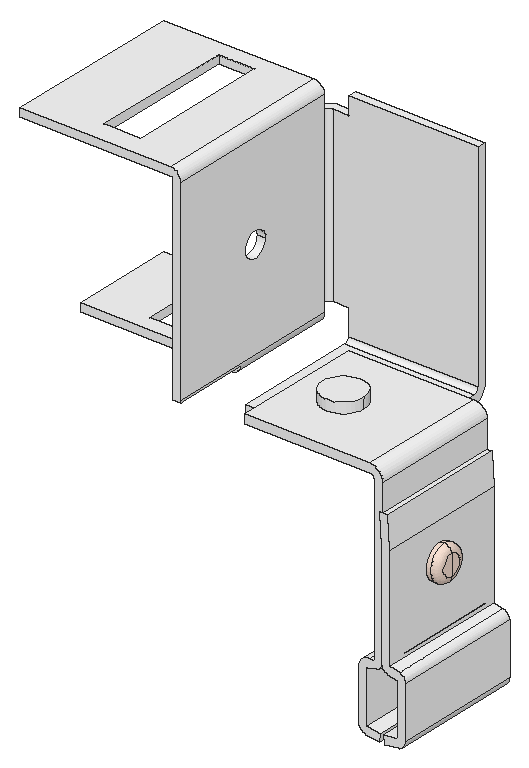
Revit family "cthanger_h38", category 機械設備, Revit 2022
Family settings
  丸型コネクタ寸法 = 直径を使用
  種別 = なし
  パーツ タイプ = 標準
  作業面ベース = いいえ
  常に垂直 = はい
  ロード時にボイドで切り取り = いいえ
  注釈の向きを維持 = いいえ
  共有 = いいえ
  部屋計算ポイント = いいえ
Parameters
  製造元 = "株式会社桐井製作所"
  既定の高さ = 0 mm
  URL = "https://www.kirii.co.jp/"
  K_角度 [instance] = 90.00°
  K_材質 = "溶融亜鉛めっき鋼板及び鋼帯 SGCC 一般用"
  K_品名 = "CTハンガー自在H=38(6mm)"
  K_名称 = "CTハンガー"
  K_バージョン情報 = "20220915"
  K_めっき付着量 = "Z12"
  K_JIS規格 = "JIS G 3302"
Reference planes
  plane 1 "中心(正面/背面)": y = 0
  plane 2: z = 0
  plane 3 "中心(左/右)": x = 0
Forms (mm)
  Extrusion 1, solid, material "05吊り材"
    sketch origin (-3, 16.9, -12.872) x (1, 0, 0) y (0, 0, 1)
      loop
        line (-44.5, 56.456) -> (-44.5, 54.856) -> (-15.1, 54.856) -> (-15.1, 16.456) -> (-44.5, 16.456) -> (-44.5, 14.856) -> (-15.1, 14.856)
        arc (-15.1, 14.856) -> (-13.949, 15.576) -> (-13.5, 16.856) r 2.05
        line (-13.5, 16.856) -> (-13.5, 54.456)
        arc (-13.5, 54.456) -> (-14.086, 55.87) -> (-15.5, 56.456) r 2
        line (-15.5, 56.456) -> (-44.5, 56.456)
    from 0.9 to 35.4
  Extrusion 2, void
    sketch origin (-3, 16.9, -12.403) x (0, 1, 0) y (0, 0, 1)
      loop
        circle (-17.5, 35.456) r 2.5
    from -15.1 to -13.5
  Extrusion 3, void
    sketch origin (-3, 16.9, -52.403) x (1, 0, 0) y (0, 1, 0)
      loop
        line (-33.5, -3.9) -> (-33.5, -17.9) -> (-26.5, -17.9) -> (-26.5, -3.9) -> (-33.5, -3.9)
    from 54.387 to 55.987
  Extrusion 4, void
    sketch origin (-3, 16.9, -12.403) x (1, 0, 0) y (0, 1, 0)
      loop
        line (-31.5, -3.9) -> (-31.5, -31.4) -> (-24.5, -31.4) -> (-24.5, -3.9) -> (-31.5, -3.9)
    from 54.387 to 55.987
  Extrusion 5, solid, material "05吊り材"
    sketch origin (-3, 71.54, -12.403) x (0, 1, 0) y (0, 0, 1)
      loop
        arc (-55.54, 10.803) -> (-53.772, 11.535) -> (-53.04, 13.303) r 2.5
        line (-53.04, 13.303) -> (-53.04, 54.803) -> (-54.64, 54.803) -> (-54.64, 13.303)
        arc (-54.64, 13.303) -> (-54.904, 12.667) -> (-55.54, 12.403) r 0.9
        line (-55.54, 12.403) -> (-79.54, 12.403) -> (-79.54, 10.803) -> (-55.54, 10.803)
    from -9.5 to 15.5
  Extrusion 6, solid, material "05吊り材"
    sketch origin (0, 71.54, -12.403) x (1, 0, 0) y (0, 1, 0)
      loop
        line (-15.6, -54.64) -> (-12.5, -54.64) -> (-12.5, -53.04) -> (-15.6, -53.04)
        arc (-15.6, -53.04) -> (-17.368, -53.772) -> (-18.1, -55.54) r 2.5
        line (-18.1, -55.54) -> (-16.5, -55.54)
        arc (-16.5, -55.54) -> (-16.236, -54.904) -> (-15.6, -54.64) r 0.9
    from 18.303 to 51.456
  Extrusion 7, void
    sketch origin (-3, 18.5, -12.403) x (1, 0, 0) y (0, 1, 0)
      loop
        circle (3, -18.5) r 2.5
    from 10.803 to 12.403
  Extrusion 8, void
    sketch origin (0, 0, -12.403) x (0, 1, 0) y (0, 0, 1)
      loop
        line (-4, 15.987) -> (-18.5, 15.987) -> (-18.5, 14.387) -> (-4, 14.387) -> (-4, 15.987)
    from -47.5 to -16.187
Cuts and joins
  Extrusion 2, Extrusion 3, Extrusion 4, Extrusion 8 cuts Extrusion 1
  Extrusion 7 cuts Extrusion 5
  joined: Extrusion 1, Extrusion 5, Extrusion 6
Dimensions and locks
  "K_角度": angle nested 1 to plane 1 "中心(正面/背面)"
  aligned and locked: level to plane 2
  aligned and locked: Extrusion 4 to Extrusion 3
Automatic sketch dimensions
  Extrusion 1 sketch curve to plane 3 "中心(左/右)" = 47.5 mm
  level to Extrusion 1 sketch curve = 1.985 mm
  Extrusion 1 sketch curve to Extrusion 1 sketch curve = 0 mm  (x2)
  level to Extrusion 1 sketch curve = 3.985 mm
  Extrusion 1 sketch curve to plane 3 "中心(左/右)" = 18.55 mm
  Extrusion 1 sketch curve to plane 3 "中心(左/右)" = 18.5 mm
  Extrusion 1 sketch curve to Extrusion 1 sketch curve = 0.4 mm  (x2)
  Extrusion 1 sketch curve to Extrusion 1 sketch curve = 1.6 mm
  Extrusion 1 sketch curve to Extrusion 1 sketch curve = 37.6 mm
  plane 1 "中心(正面/背面)" to Extrusion 2 sketch curve = 0.6 mm
  level to Extrusion 2 sketch curve = 23.053 mm
  plane 1 "中心(正面/背面)" to Extrusion 3 sketch curve = 1 mm
  Extrusion 3 sketch curve to plane 3 "中心(左/右)" = 36.5 mm
  Extrusion 3 sketch curve to Extrusion 3 sketch curve = 7 mm
  Extrusion 3 sketch curve to plane 1 "中心(正面/背面)" = 13 mm
  plane 1 "中心(正面/背面)" to Extrusion 4 sketch curve = 14.5 mm
  Extrusion 4 sketch curve to plane 3 "中心(左/右)" = 34.5 mm
  Extrusion 4 sketch curve to Extrusion 4 sketch curve = 7 mm
  Extrusion 4 sketch curve to plane 1 "中心(正面/背面)" = 13 mm
  Extrusion 5 sketch curve to Extrusion 5 sketch curve = 0 mm  (x2)
  Extrusion 5 sketch curve to level = 0 mm
  Extrusion 5 sketch curve to level = 1.6 mm
  plane 1 "中心(正面/背面)" to Extrusion 5 sketch curve = 8 mm
  Extrusion 5 sketch curve to plane 1 "中心(正面/背面)" = 16 mm
  Extrusion 5 sketch curve to plane 1 "中心(正面/背面)" = 16.9 mm
  Extrusion 5 sketch curve to Extrusion 5 sketch curve = 41.5 mm
  Extrusion 6 sketch curve to Extrusion 6 sketch curve = 0 mm  (x2)
  Extrusion 6 sketch curve to plane 3 "中心(左/右)" = 18.1 mm
  Extrusion 6 sketch curve to Extrusion 6 sketch curve = 1.6 mm
  Extrusion 6 sketch curve to Extrusion 6 sketch curve = 0.9 mm
  Extrusion 6 sketch curve to Extrusion 6 sketch curve = 3.1 mm
  Extrusion 6 sketch curve to plane 1 "中心(正面/背面)" = 16 mm
  plane 1 "中心(正面/背面)" to Extrusion 7 sketch curve = 0 mm
  Extrusion 7 sketch curve to plane 3 "中心(左/右)" = 0 mm
  level to Extrusion 8 sketch curve = 3.585 mm
  plane 1 "中心(正面/背面)" to Extrusion 8 sketch curve = 18.5 mm
  level to Extrusion 8 sketch curve = 1.985 mm
  plane 1 "中心(正面/背面)" to Extrusion 8 sketch curve = 4 mm
  radius of Extrusion 2 sketch curve = 2.5 mm
  radius of Extrusion 7 sketch curve = 2.5 mm
Nested families
  nested 1: "自在ハンガー用(回転部分）" at (0, 0, 0), type "自在ハンガー用(回転部分）"
Definition of nested family "自在ハンガー用(回転部分）"
  Parameters (values of type "自在ハンガー用(回転部分）")
    Manufacturer = "株式会社桐井製作所"
    Default Elevation = 0 mm
    URL = "https://www.kirii.co.jp/"
    K_名称 = "CTハンガー自在用(回転部分)"
    K_バージョン情報 = "20220915"
  Reference planes
    plane 1 "中心(正面/背面)": y = 0
    plane 2: z = 0
    plane 3 "中心(左/右)": x = 0
  Forms (mm)
    Extrusion 1, solid
      sketch origin (15.431, -0.859, -27.862) x (0, 1, 0) y (0, 0, 1)
        loop
          circle (0, 8.936) r 3.499
      from -0.947 to 1.053
    Extrusion 2, solid
      sketch origin (16.4, -2.6, -30.224) x (-1, 0, 0) y (0, 0, 1)
        loop
          arc (-1.2, -1.676) -> (-0.861, -2.66) -> (0.011, -3.228) r 1.6
          line (0.011, -3.228) -> (1.8, -3.676) -> (1.8, -13.676) -> (-0.9, -14.06) -> (-0.675, -15.644) -> (2.025, -15.26)
          arc (2.025, -15.26) -> (3.008, -14.725) -> (3.4, -13.676) r 1.6
          line (3.4, -13.676) -> (3.4, -3.944)
          arc (3.4, -3.944) -> (2.814, -2.53) -> (1.4, -1.944) r 2
          line (1.4, -1.944) -> (0.4, -1.944) -> (0.4, 11.856) -> (0.4, 29.324)
          arc (0.4, 29.324) -> (0.664, 29.961) -> (1.3, 30.224) r 0.9
          line (1.3, 30.224) -> (25.4, 30.224) -> (25.4, 31.824) -> (1.3, 31.824)
          arc (1.3, 31.824) -> (-0.468, 31.092) -> (-1.2, 29.324) r 2.5
          line (-1.2, 29.324) -> (-1.2, -1.544)
      from -9.9 to 15.1
    Extrusion 3, solid
      sketch origin (16.125, -0.25, -30.224) x (-1, 0, 0) y (0, 0, 1)
        loop
          line (-2.675, 24.324) -> (-3.075, 18.324) -> (-3.075, -1.676) -> (-4.863, -2.124)
          arc (-4.863, -2.124) -> (-5.736, -2.691) -> (-6.075, -3.676) r 1.6
          line (-6.075, -3.676) -> (-6.075, -13.676)
          arc (-6.075, -13.676) -> (-5.683, -14.725) -> (-4.7, -15.26) r 1.6
          line (-4.7, -15.26) -> (-2, -15.644) -> (-1.775, -14.06) -> (-4.475, -13.676) -> (-4.475, -3.676) -> (-2.686, -3.228)
          arc (-2.686, -3.228) -> (-1.813, -2.66) -> (-1.475, -1.676) r 1.6
          line (-1.475, -1.676) -> (-1.475, 18.271) -> (-1.078, 24.218) -> (-2.675, 24.324)
      from -12.5 to 12.5
    Extrusion 4, solid
      sketch origin (0, 0, 1.6) x (1, 0, 0) y (0, 1, 0)
        loop
          circle (0, 0) r 4
      from 0 to 2
  Dimensions and locks
    aligned and locked: level to plane 2
  Nested families
    nested 1: "直吊りハンガー用ビス" at (19.2, -0.848, -18.89) x (0, 1, 0) z (0, 0, 1), type "直吊りハンガー用ビス"
  Definition of nested family "直吊りハンガー用ビス"
    Parameters (values of type "直吊りハンガー用ビス")
      Manufacturer = "株式会社桐井製作所"
      Default Elevation = 0 mm
      URL = "https://www.kirii.co.jp/"
      K_名称 = "M6×25ボルト"
    Reference planes
      plane 1 "中心(正面/背面)": y = 0
      plane 2: z = 0
      plane 3 "中心(左/右)": x = 0
      plane 4 "正面": y = -5
    Forms (mm)
      Extrusion 1, solid
        sketch origin (0, 0, 0.234) x (1, 0, 0) y (0, 0, 1)
          loop
            circle (-0.011, -0.2) r 2.5
        from 0 to -5
      Revolve 2, solid
        sketch origin (0, 0, 0) x (0, 1, 0) y (0, 0, 1)
          loop
            line (0, 0) -> (-2.299, 0) -> (-2.299, -1.966)
            arc (-2.299, -1.966) -> (-1.904, -2.921) -> (-0.949, -3.316) r 1.35
            line (-0.949, -3.316) -> (0, -3.316) -> (0, 0)
          axis (0, 0) -> (-2.299, 0)
        angle from 0 to 360
    Cuts and joins
      joined: Extrusion 1, Revolve 2
    Dimensions and locks
      aligned and locked: level to plane 2
